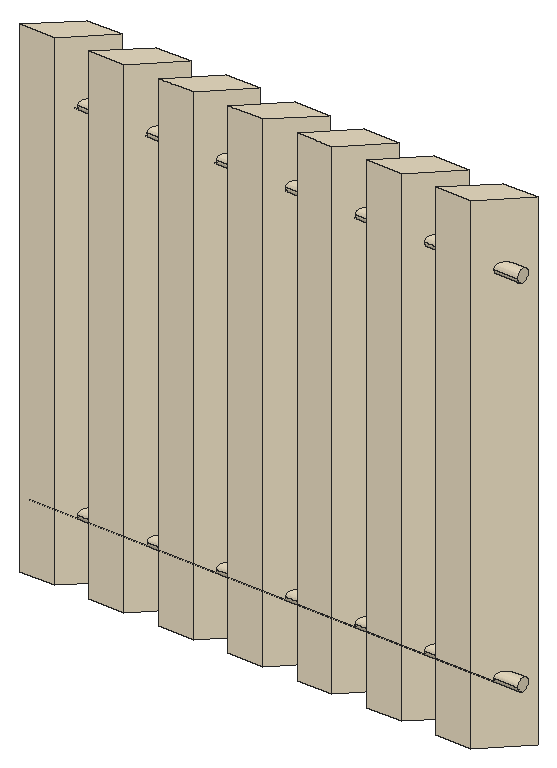
Revit family "HOB_GEN_Cottesloe_RodThrough", category Generic Models, Revit 2026
Family settings
  Can host rebar = No
  Round Connector Dimension = Use Diameter
  Part Type = Normal
  Work Plane-Based = No
  Always vertical = Yes
  Cut with Voids When Loaded = No
  Maintain Annotation Orientation = No
  Shared = Yes
  Room Calculation Point = No
Parameters (values of type "CottesloeRodThrough_W396xH1830")
  Width [instance] = 396 mm
  URL = "https://houseofbamboo.com.au/"
  TotalCost [instance] = (N. PanelsHorizontal * N.PanelsVertical) * PanelCost  # 600
  Support Rail Material = HOB_Black
  SideOffset = 30 mm
  RailTopOffset = 50 mm
  RailSupportHeight [instance] = 296 mm
  RailBottomOffset = 50 mm
  PanelCost = 300  # constant formula
  NumberOfRails [instance] = roundup((Length - (RailBottomOffset + RailTopOffset)) / 1000 mm) + 1  # 2
  NumberOfBattens [instance] = roundup((Width - SideOffset) / BattenSpacing)  # 7
  N.PanelsVertical [instance] = roundup(Length / MaxHeight)  # 1
  N. PanelsHorizontal [instance] = roundup(Width / MaxWidth)  # 2
  Model = "Cottlesloe Rod Through"
  MaxWidth = 320 mm  # constant formula
  MaxHeight = 1800 mm  # constant formula
  Manufacturer = "HOB"
  Length [instance] = 396 mm
  Description = "28x40 mm slat / 396 mm standard width / 1830/2440 mm Standard height"
  Default Elevation = 0 mm
  Cost = 286
  BattensBottomOffset = 0 mm
  BattensTopOffset = 0 mm
  BattensLength [instance] = Length - (BattensTopOffset + BattensBottomOffset)  # 396 mm
  Battens Material = Bamboo_horizontalGrain
  BattenWidth = 20 mm
  BattenSpacing = 56 mm  # constant formula
  BattenDepth = 20 mm
  BambooVolume [instance] = ((BattenDepth * BattenWidth) * BattensLength) * NumberOfBattens  # 0.0011088 m³
Reference planes
  plane 1 "Center (Front/Back)": y = 0
  plane 2: z = 0
  plane 3 "Center (Left/Right)": x = 0
  plane 4: z = 396
  plane 5: z = 50
  plane 6: z = 346
  plane 7: x = -198
  plane 8: x = 198
  plane 9: z = 346
  plane 10: x = -168
  plane 11: x = 168
  plane 12: z = 0
  plane 13: z = 396
  plane 14: x = -112
  plane 15: y = 15
Dimensions and locks
  "Length": plane 4 to plane 2
  "RailTopOffset": plane 4 to plane 6
  "RailBottomOffset": plane 5 to level
  equal spacing: plane 8, plane 3 "Center (Left/Right)", plane 7
  "Width": plane 8 to plane 7
  "RailSupportHeight": plane 6 to plane 5
  "SideOffset": plane 7 to plane 10
  "SideOffset": plane 11 to plane 8
  "BattensBottomOffset": plane 12 to plane 2
  "BattensTopOffset": plane 4 to plane 13
  equal spacing: group 2, group 3, group 4, group 5, group 6, group 9, group 10  (x3)
  plane 7 to plane 8 = 396 mm
  nested 1 to plane 14 to nested 3 to nested 4 to nested 5 = 56 mm, 56 mm, 56 mm, 56 mm
  "BattenSpacing": plane 10 to plane 14
  nested 1 to nested 1 to nested 1 to nested 2 = 30 mm, 28 mm, 28 mm
  plane 1 "Center (Front/Back)" to nested 1 = 30 mm
  plane 7 to nested 1 = 2 mm
  nested 2 to plane 15 to plane 1 "Center (Front/Back)" = 15 mm, 15 mm locked
  group 8 to group 7 = 0 mm
  group 7 to group 8 = 0 mm
  group 7 to group 8 = 296 mm
  aligned and locked: level to plane 2
  aligned and locked: plane 9 to plane 6
  aligned and locked: plane 12 to nested 1
  aligned and locked: plane 14 to nested 2
  aligned and locked: plane 7 to nested 6
  aligned and locked: plane 8 to nested 6
  aligned and locked: plane 5 to nested 6
  aligned and locked: plane 9 to nested 7
  aligned and locked: plane 8 to nested 7
  aligned and locked: plane 10 to nested 1
  aligned and locked: nested 1 to plane 15
Nested families
  nested 1: "HOB_Slat_Cottlesloe" at (-168, 15, 0), Length <- "BattensLength", type "HOB_28X30Slat"
    with Length 396 mm, Bamboo Volume 0.00033264 m³
  nested 2: "HOB_Slat_Cottlesloe" at (-112, 15, 0), Length <- "BattensLength", type "HOB_28X30Slat"
    with Length 396 mm, Bamboo Volume 0.00033264 m³
  nested 3: "HOB_Slat_Cottlesloe" at (-56, 15, 0), Length <- "BattensLength", type "HOB_28X30Slat"
    with Length 396 mm, Bamboo Volume 0.00033264 m³
  nested 4: "HOB_Slat_Cottlesloe" at (0, 15, 0), Length <- "BattensLength", type "HOB_28X30Slat"
    with Length 396 mm, Bamboo Volume 0.00033264 m³
  nested 5: "HOB_Slat_Cottlesloe" at (56, 15, 0), Length <- "BattensLength", type "HOB_28X30Slat"
    with Length 396 mm, Bamboo Volume 0.00033264 m³
  nested 6: "rod support" at (-198, 15, 50), support length <- "Width", type "rod support"
    with support length 396 mm
  nested 7: "rod support" at (-198, 15, 346), support length <- "Width", type "rod support"
    with support length 396 mm
  nested 8: "HOB_Slat_Cottlesloe" at (112, 15, 0), Length <- "BattensLength", type "HOB_28X30Slat"
    with Length 396 mm, Bamboo Volume 0.00033264 m³
  nested 9: "HOB_Slat_Cottlesloe" at (168, 15, 0), Length <- "BattensLength", type "HOB_28X30Slat"
    with Length 396 mm, Bamboo Volume 0.00033264 m³
Definition of nested family "HOB_Slat_Cottlesloe"
  Parameters (values of type "HOB_30X30Slat")
    URL = "https://houseofbamboo.com.au/?srsltid=AfmBOopKvmLmijiXSDxFseqwisUoSKTFilojyS4sN3lgOhkDU0dI4o05"
    Type Comments = "20x20 mm Laminated Bamboo Batten"
    Manufacturer = "House Of Bamboo"
    Length [instance] = 871.114 mm
    Default Elevation = 0 mm
    BattenWidth = 30 mm
    BattenMAterial = none
    BattenDepth = 30 mm
    Bamboo Volume [instance] = (BattenDepth * BattenWidth) * Length  # 0.000784002 m³
  Reference planes
    plane 1 "Center (Front/Back)": y = 0
    plane 2: z = 0
    plane 3 "Center (Left/Right)": x = 0
    plane 4: x = -30
    plane 5: y = 15
    plane 6: y = -15
    plane 7: z = 871.114
    plane 8: x = -15
  Forms (mm)
    Extrusion 1, solid, material <- "BattenMAterial"
      sketch origin (0, 0, 0) x (1, 0, 0) y (0, 1, 0)
        loop
          line (-30, -15) -> (0, -15) -> (30, 15) -> (0, 15) -> (-30, -15)
      from 0 to 871.114
  Lines and regions (mm)
    reference lines
      curve 1: line (-30, -15, 0) -> (15.962, 30.962, 0)
      curve 2: line (-15, -15, 0) -> (30.962, 30.962, 0)
      curve 3: line (0, -15, 0) -> (45.962, 30.962, 0)
  Dimensions and locks
    equal spacing: plane 6, plane 1 "Center (Front/Back)", plane 5
    "BattenDepth": plane 5 to plane 6
    "Length": plane 7 to plane 2
    "BattenWidth": plane 4 to plane 3 "Center (Left/Right)"
    equal spacing: plane 4, plane 8, plane 3 "Center (Left/Right)"
    locked: curve 1 to plane 4 (angle 45.00°)
    locked: plane 6 to curve 2 (angle 45.00°)
    locked: plane 6 to curve 3 (angle 45.00°)
    aligned and locked: level to plane 2
    aligned and locked: Extrusion 1 sketch curve to plane 6
    aligned and locked: plane 7 to Extrusion 1
    aligned and locked: Extrusion 1 sketch curve to plane 5
    aligned and locked: Extrusion 1 sketch curve to curve 1
    aligned and locked: Extrusion 1 sketch curve to curve 3
  Automatic sketch dimensions
    curve 1 to plane 4 = 0 mm
    curve 3 to plane 3 "Center (Left/Right)" = 0 mm
    curve 2 to plane 6 = 0 mm
    curve 2 to plane 8 = 0 mm
    curve 3 to plane 6 = 0 mm
    curve 1 to plane 6 = 0 mm
Definition of nested family "rod support"
  Parameters (values of type "rod support")
    support length [instance] = 452.927 mm
    Rod = none
    Default Elevation = 0 mm
  Reference planes
    plane 1 "Center (Front/Back)": y = 0
    plane 2: z = 0
    plane 3 "Center (Left/Right)": x = 0
    plane 4: x = 452.927
  Forms (mm)
    Extrusion 1, solid, material <- "Rod"
      sketch origin (0, 0, 0) x (0, 1, 0) y (0, 0, 1)
        loop
          circle (0, 0) r 5
      from 0 to 452.927
  Dimensions and locks
    "support length": plane 3 "Center (Left/Right)" to plane 4
    aligned and locked: level to plane 2
    aligned and locked: plane 4 to Extrusion 1
    aligned and locked: Extrusion 1 to plane 3 "Center (Left/Right)"
  Automatic sketch dimensions
    Extrusion 1 sketch curve to level = 0 mm
    Extrusion 1 sketch curve to plane 1 "Center (Front/Back)" = 0 mm
    radius of Extrusion 1 sketch curve = 5 mm
